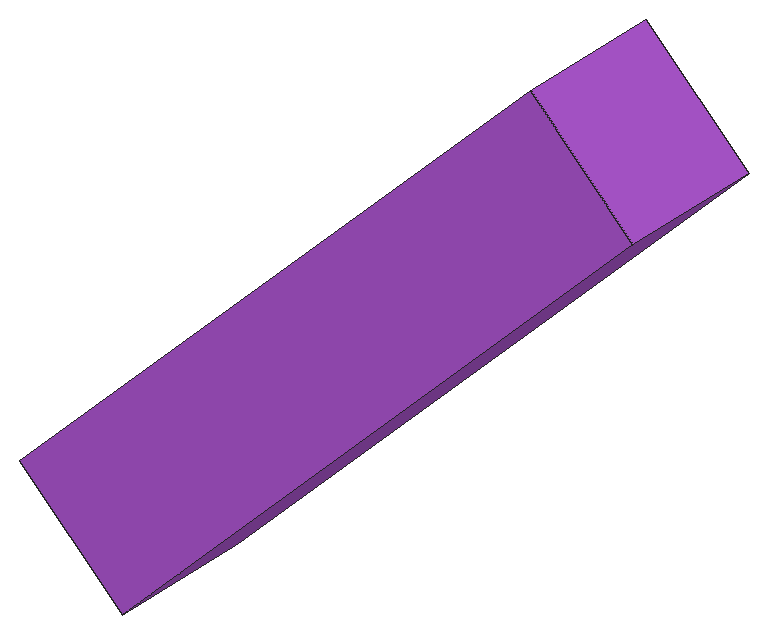
Revit family "ケーブルトレイサポート_角形鋼管(正方形)1", category Generic Models, Revit 2020
Family settings
  Can host rebar = No
  Round Connector Dimension = Use Diameter
  Part Type = Normal
  Work Plane-Based = Yes
  Always vertical = No
  Cut with Voids When Loaded = No
  Shared = No
  Room Calculation Point = No
Parameters (values of type "100 x 100")
  高さ = 100 mm
  長辺 [instance] = 長さ  # 500 mm
  長さ [instance] = 500 mm
  部屋名 = ""
  角度 [instance] = 45.00°
  Default Elevation = 1219.2 mm
  構造マテリアル = E304_ケーブルトレイサポート
  幅 = 100 mm
Types (14, lengths in mm): name | 高さ | 幅
  100 x 100 | 100 | 100
  125 x 125 | 125 | 125
  150 x 150 | 150 | 150
  175 x 175 | 175 | 175
  200 x 200 | 200 | 200
  250 x 250 | 250 | 250
  300 x 300 | 300 | 300
  350 x 350 | 350 | 350
  40 x 40 | 40 | 40
  50 x 50 | 50 | 50
  60 x 60 | 60 | 60
  75 x 75 | 75 | 75
  80 x 80 | 80 | 80
  90 x 90 | 90 | 90
Reference planes
  plane 1 "中心(正面/背面)": y = 0
  plane 2: z = 0
  plane 3 "中心(左/右)": x = 0
Lines and regions (mm)
  reference lines
    curve 1: line (0, 0, 0) -> (806.102, 0, 806.102)
    curve 2: line (35.355, 0, -35.355) -> (-35.355, 0, 35.355)
    curve 3: line (388.909, 0, 318.198) -> (318.198, 0, 388.909)
Dimensions and locks
  equal spacing: curve 2, curve 1, curve 2
  "高さ": curve 2 to curve 2
  equal spacing: curve 3, curve 1, curve 3
  "高さ": curve 3 to curve 3
  "長さ": curve 2 to curve 3
  "角度": angle level to curve 1
  angle curve 2 to curve 1 = 90.00°
  angle curve 3 to curve 1 = 90.00°
  aligned and locked: level to plane 2
  aligned and locked: level to curve 1
  aligned and locked: plane 3 "中心(左/右)" to curve 1
  aligned and locked: curve 1 to nested 1
Nested families
  nested 1: "グレーチング_角形鋼管(正方形)" at (-35.355, 0, 35.355) x (0, 1, 0) z (0.7071, 0, -0.7071), 長さ <- "長さ", type "350 x 350"
    with 長辺 500 mm, 長さ 500 mm, 高さ 100 mm, 幅 100 mm
Definition of nested family "グレーチング_角形鋼管(正方形)"
  Parameters (values of type "350 x 350")
    高さ = 350 mm
    長辺 [instance] = 長さ  # 1000 mm
    長さ [instance] = 1000 mm
    部屋名 = ""
    Default Elevation = 1219.2 mm
    構造マテリアル = none
    幅 = 350 mm
  Reference planes
    plane 1 "中心(正面/背面)": y = 0
    plane 2: z = 0
    plane 3 "中心(左/右)": x = 0
    plane 4: z = 175
    plane 5: z = 350
  Forms (mm)
    Extrusion 1, solid, material <- "構造マテリアル"
      sketch origin (0, 0, 0) x (1, 0, 0) y (0, 1, 0)
        loop
          line (-175, 1000) -> (-175, 0) -> (175, 0) -> (175, 1000) -> (-175, 1000)
      from 0 to 350
  Lines and regions (mm)
    reference lines
      curve 1: line (175, 1000, 0) -> (-175, 1000, 0)
      curve 2: line (175, 0, 0) -> (-175, 0, 0)
  Dimensions and locks
    "長さ": curve 1 to curve 2
    "幅": Extrusion 1 to Extrusion 1
    equal spacing: Extrusion 1, plane 3 "中心(左/右)", Extrusion 1
    "幅": curve 1 to curve 1
    equal spacing: curve 1, plane 3 "中心(左/右)", curve 1
    "幅": curve 2 to curve 2
    equal spacing: curve 2, plane 3 "中心(左/右)", curve 2
    equal spacing: plane 5, plane 4, level
    "高さ": plane 5 to level
    aligned and locked: level to plane 2
    aligned and locked: Extrusion 1 to curve 2
    aligned and locked: curve 1 to Extrusion 1
    aligned and locked: plane 5 to Extrusion 1
  Automatic sketch dimensions
    Extrusion 1 sketch curve to plane 3 "中心(左/右)" = 175 mm
    plane 3 "中心(左/右)" to Extrusion 1 sketch curve = 175 mm
    plane 1 "中心(正面/背面)" to Extrusion 1 sketch curve = 0 mm
    Extrusion 1 sketch curve to plane 1 "中心(正面/背面)" = 1000 mm
    plane 1 "中心(正面/背面)" to curve 2 = 0 mm
